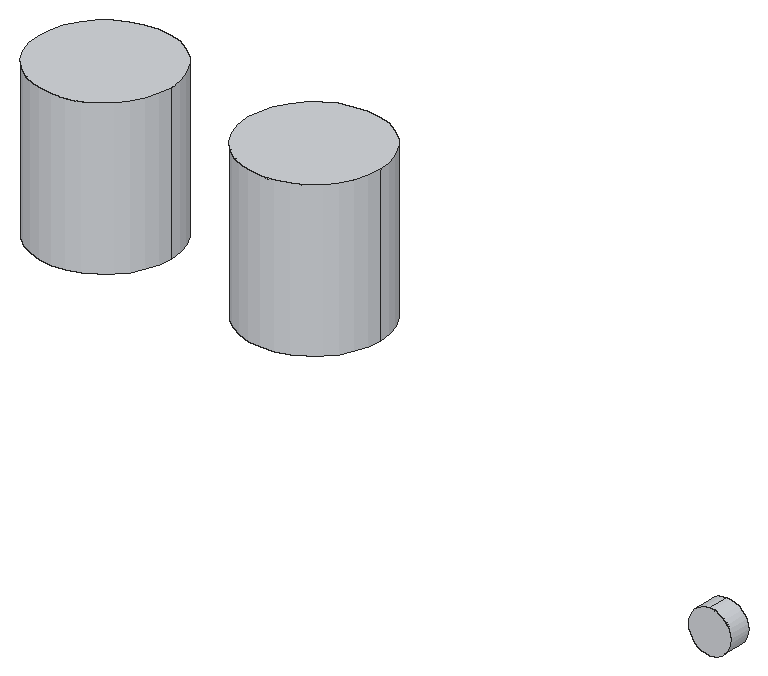
Revit family "MBH3_001_BIM", category HLS-Bauteile, Revit 2018
Family settings
  Bemaßung runder Anschluss = Durchmesser verwenden
  Klassifizierung = Keine
  Teiletyp = Normal
  OmniClass-Nummer = 23.65.35.11.14
  OmniClass-Titel = Instantaneous Water Heaters
  Arbeitsebenenbasiert = Nein
  Immer vertikal = Ja
  Beim Laden mit Abzugskörper schneiden = Nein
  Gemeinsam genutzt = Nein
  Raumberechnungspunkt = Nein
Parameters (values of type "Norm")
  Verbindung_2_Durchmesser = 0 mm
  Verbindung_1_Durchmesser = 0 mm
  URL = "https://www.clage.de/de/Produkte/E-Kleindurchlauferhitzer/MBH"
  Modell = "MBH"
  Hersteller = "Clage GmbH"
  Beschreibung = "E-Kleindurchlauferhitzer"
Reference planes
  plane 1 "Mitte (Vorne/Hinten)": y = 0
  plane 2: z = 0
  plane 3 "Mitte (Links/Rechts)": x = 0
Forms (mm)
  Extrusion 1, solid
    sketch origin (-15, -7.5, 86.997) x (1, 0, 0) y (0, 1, 0)
      loop
        circle (0, 0) r 9.525
    from 0 to -22.053
  Extrusion 2, solid
    sketch origin (15, -7.5, 86.997) x (1, 0, 0) y (0, 1, 0)
      loop
        circle (0, 0) r 9.525
    from 0 to -22.053
  Extrusion 3, solid
    sketch origin (63.017, 6.6, 36.189) x (0, 0, 1) y (1, 0, 0)
      loop
        circle (0, 0) r 3.048
    from 0 to -3.048
Dimensions and locks
  aligned and locked: level to plane 2
Connectors
  piping at (-15, -7.5, 86.997), diameter 9.5
    settings: on Extrusion 1, index 1, connector inside diameter 609.6 mm, connector length 0 mm, flow factor 0, pipe flow 2.0 L/s, pressure drop 99000.0 Pa, fitting loss kfactor 0, connector angle 0.00°, fixture units 0, engagement length 0 mm, angle of deflection 0.00°, flow configuration 1, flow direction 1, fitting loss method 4, system type 20, joint type 0, gender type 0, connector reference index -1, connector utility 0, adjustable connector no, is connector primary yes, connector description ""
  piping at (15, -7.5, 86.997), diameter 9.5
    settings: on Extrusion 2, index 2, connector inside diameter 609.6 mm, connector length 0 mm, flow factor 0, pipe flow 2.0 L/s, pressure drop 99000.0 Pa, fitting loss kfactor 0, connector angle 0.00°, fixture units 0, engagement length 0 mm, angle of deflection 0.00°, flow configuration 1, flow direction 2, fitting loss method 4, system type 19, joint type 0, gender type 0, connector reference index -1, connector utility 0, adjustable connector no, is connector primary no, connector description ""
  electrical at (63.017, 6.6, 36.189)
    settings: on Extrusion 3, index 3, voltage 230 V, apparent load 0 VA, apparent load phase1 0 VA, apparent load phase2 0 VA, apparent load phase3 0 VA, power factor 0, load classification "Sonstige", number of poles 1, system type 30, power factor state 1, is connector primary yes, connector utility no, sub classification motor no, connector description ""
